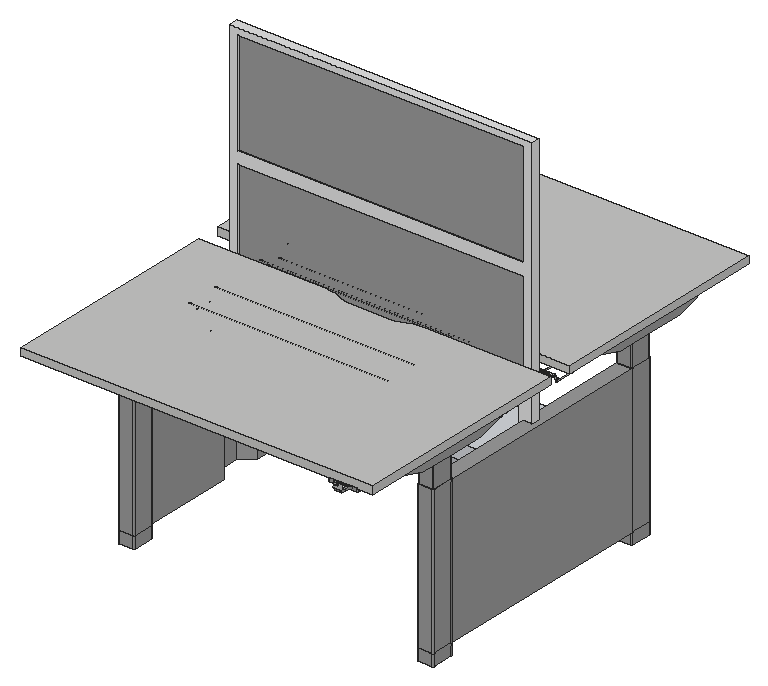
Revit family "Rise Squared Rectangular Desk", category Furniture, Revit 2020 (continued)
Definition of nested family "Cable Tray"
  Automatic sketch dimensions
    Extrusion 21 sketch curve to Extrusion 21 sketch curve = 5.426 mm
    Extrusion 21 sketch curve to Extrusion 21 sketch curve = 81.082 mm
    Extrusion 21 sketch curve to Extrusion 21 sketch curve = 3.312 mm
    Extrusion 21 sketch curve to Extrusion 21 sketch curve = 0.033 mm
    Extrusion 21 sketch curve to Extrusion 21 sketch curve = 1.263 mm
    radius of Sweep 2 sketch curve = 1.5 mm
    radius of Sweep 3 sketch curve = 1.5 mm
    radius of Sweep 4 sketch curve = 1.5 mm
    radius of Sweep 5 sketch curve = 1.5 mm
    radius of Sweep 6 sketch curve = 1.5 mm
    radius of Sweep 7 sketch curve = 1.5 mm
    radius of Sweep 8 sketch curve = 1.5 mm
    radius of Sweep 9 sketch curve = 1.5 mm
    radius of Sweep 10 sketch curve = 1.5 mm
    radius of Sweep 11 sketch curve = 1.5 mm
    radius of Sweep 12 sketch curve = 1.5 mm
    radius of Sweep 13 sketch curve = 1.5 mm
    radius of Sweep 14 sketch curve = 1.5 mm
    radius of Sweep 15 sketch curve = 1.5 mm
    radius of Sweep 16 sketch curve = 1.5 mm
    radius of Sweep 17 sketch curve = 1.5 mm
    radius of Sweep 18 sketch curve = 1.5 mm
    radius of Sweep 19 sketch curve = 1.5 mm
    radius of Extrusion 1 sketch curve = 1.5 mm  (x4)
Definition of nested family "Rise Squared Leg"
  Parameters (values of type "Rise Squared Leg")
    Width = 1800 mm
    Upper Foot = none
    URL = "www.gof.co.uk"
    Type Comments = ""
    Range = "RISE SQUARED"
    Product Code = ""
    Model = ""
    Manufacturer = "Gresham Office Furniture"  # constant formula
    HeightControl [instance] = if(Height < 630 mm, 630 mm, (if(Height > 1280 mm, 1280 mm, Height)))  # 630 mm
    Height [instance] = 630 mm
    Frame = none
    Foot = none
    Default Elevation = 0 mm
    Assembly Code = "E2020200"
  Reference planes
    plane 1 "Center (Front/Back)": y = 200
    plane 2: z = 0
    plane 3 "Center (Left/Right)": x = 0
    plane 4: x = -900
    plane 5: x = 900
    plane 6 "Desktop": z = 630
    plane 7: y = 600
    plane 8: y = -200
    plane 9 "Foot": z = 5
    plane 10 "Desktop Underside": z = 605
    plane 11 "Max Height": z = 1280
    plane 12 "Max Desktop Underside": z = 1255
    plane 13: z = 45
  Forms (mm)
    Extrusion 1, solid, material <- "Frame"
      sketch origin (0, 0, 630) x (-1, 0, 0) y (0, -1, 0)
        loop
          line (-827.511, -240) -> (-782.511, -240)
          arc (-782.511, -240) -> (-778.976, -238.536) -> (-777.511, -235) r 5
          line (-777.511, -235) -> (-777.511, -165)
          arc (-777.511, -165) -> (-778.976, -161.464) -> (-782.511, -160) r 5
          line (-782.511, -160) -> (-827.511, -160)
          arc (-827.511, -160) -> (-831.047, -161.464) -> (-832.511, -165) r 5
          line (-832.511, -165) -> (-832.511, -235)
          arc (-832.511, -235) -> (-831.047, -238.536) -> (-827.511, -240) r 5
      from -585 to -85
    Extrusion 2, solid, material <- "Frame"
      sketch origin (0, 200, 70) x (1, 0, 0) y (0, 0, 1)
        loop
          line (842.511, 535) -> (590.86, 535) -> (590.86, 520)
          arc (590.86, 520) -> (599.647, 498.787) -> (620.86, 490) r 30
          line (620.86, 490) -> (842.511, 490) -> (842.511, 535)
      from -47.5 to 47.5
    Extrusion 3, solid, material <- "Frame"
      sketch origin (0, 200, 70) x (1, 0, 0) y (0, 0, 1)
        loop
          line (842.511, 535) -> (842.511, 525) -> (844.511, 525) -> (844.511, 533.159) -> (860.511, 533.159) -> (860.511, 482) -> (843.693, 482) -> (843.693, 485.43) -> (841.693, 485.43) -> (841.693, 480) -> (862.511, 480) -> (862.511, 535) -> (842.511, 535)
      from -275 to 275
    Extrusion 4, void
      sketch origin (870.011, 200, 1175) x (0, 0, 1) y (0, 1, 0)
        loop
          line (-625, 0) -> (-625, 125) -> (-580, 275) -> (-570, 275) -> (-570, 333.867) -> (-673.413, 333.867) -> (-673.413, 0) -> (-673.413, -333.867) -> (-570, -333.867) -> (-570, -275) -> (-580, -275) -> (-625, -125) -> (-625, 0)
      from -29.989 to 70.011
    Extrusion 5, solid, material <- "Frame"
      sketch origin (0, 0, 630) x (-1, 0, 0) y (0, -1, 0)
        loop
          line (-827.511, -238) -> (-782.511, -238)
          arc (-782.511, -238) -> (-780.39, -237.121) -> (-779.511, -235) r 3
          line (-779.511, -235) -> (-779.511, -165)
          arc (-779.511, -165) -> (-780.39, -162.879) -> (-782.511, -162) r 3
          line (-782.511, -162) -> (-827.511, -162)
          arc (-827.511, -162) -> (-829.633, -162.879) -> (-830.511, -165) r 3
          line (-830.511, -165) -> (-830.511, -235)
          arc (-830.511, -235) -> (-829.633, -237.121) -> (-827.511, -238) r 3
      from -85 to -70
    Extrusion 6, solid, material <- "Upper Foot"
      sketch origin (0, 0, 45) x (0, -1, 0) y (-1, 0, 0)
        loop
          line (-240, -782.511) -> (-240, -827.511)
          arc (-240, -827.511) -> (-238.536, -831.047) -> (-235, -832.511) r 5
          line (-235, -832.511) -> (-165, -832.511)
          arc (-165, -832.511) -> (-161.464, -831.047) -> (-160, -827.511) r 5
          line (-160, -827.511) -> (-160, -782.511)
          arc (-160, -782.511) -> (-161.464, -778.976) -> (-165, -777.511) r 5
          line (-165, -777.511) -> (-235, -777.511)
          arc (-235, -777.511) -> (-238.536, -778.976) -> (-240, -782.511) r 5
      from 0 to 40
    Extrusion 7, solid, material <- "Foot"
      sketch origin (0, 0, 0) x (1, 0, 0) y (0, 1, 0)
        loop
          circle (805.402, 199.681) r 20
      from 0 to 5
  Cuts and joins
    Extrusion 4 cuts Extrusion 3
  Dimensions and locks
    equal spacing: plane 4, plane 3 "Center (Left/Right)", plane 5
    "Width": plane 4 to plane 5
    equal spacing: plane 7, plane 1 "Center (Front/Back)", plane 8
    locked: plane 7 to plane 8 at 800
    plane 9 "Foot" to level = 5 mm  (x2)
    locked: plane 6 "Desktop" to plane 10 "Desktop Underside" at 25
    Extrusion 2 to Extrusion 2 = 95 mm
    plane 1 "Center (Front/Back)" to Extrusion 3 = 275 mm
    equal spacing: Extrusion 3, plane 1 "Center (Front/Back)", Extrusion 3
    plane 11 "Max Height" to level = 1280 mm
    locked: Extrusion 2 sketch curve to Extrusion 2 sketch curve at 45
    locked: Extrusion 4 sketch curve to Extrusion 4 sketch curve at 103.413
    "HeightControl": plane 6 "Desktop" to level
    locked: Extrusion 4 to plane 5 at 100
    locked: Extrusion 2 to plane 5 at 309.14
    locked: plane 13 to plane 9 "Foot" at 40
    locked: Extrusion 1 to plane 13 at 500
    locked: plane 11 "Max Height" to plane 12 "Max Desktop Underside" at 25
    aligned and locked: level to plane 2
    aligned and locked: Extrusion 5 to Extrusion 2
    aligned and locked: Extrusion 5 to Extrusion 1
    aligned and locked: Extrusion 4 to plane 5
    aligned and locked: Extrusion 1 to plane 13
  Automatic sketch dimensions
    plane 1 "Center (Front/Back)" to Extrusion 1 sketch curve = 35 mm
    plane 5 to Extrusion 1 sketch curve = 67.489 mm
    Extrusion 1 sketch curve to Extrusion 1 sketch curve = 5 mm  (x3)
    Extrusion 1 sketch curve to Extrusion 1 sketch curve = 45 mm  (x2)
    Extrusion 1 sketch curve to plane 1 "Center (Front/Back)" = 35 mm
    Extrusion 2 sketch curve to plane 10 "Desktop Underside" = 0 mm
    plane 3 "Center (Left/Right)" to Extrusion 2 sketch curve = 590.86 mm
    Extrusion 2 sketch curve to Extrusion 2 sketch curve = 30 mm
    plane 5 to Extrusion 2 sketch curve = 57.489 mm
    Extrusion 3 sketch curve to plane 10 "Desktop Underside" = 0 mm
    plane 5 to Extrusion 3 sketch curve = 58.307 mm
    Extrusion 3 sketch curve to plane 10 "Desktop Underside" = 10 mm
    Extrusion 3 sketch curve to Extrusion 3 sketch curve = 0.819 mm
    Extrusion 3 sketch curve to Extrusion 3 sketch curve = 2 mm  (x4)
    Extrusion 3 sketch curve to plane 10 "Desktop Underside" = 1.841 mm
    Extrusion 3 sketch curve to Extrusion 3 sketch curve = 16 mm
    Extrusion 3 sketch curve to Extrusion 3 sketch curve = 39.57 mm
    Extrusion 3 sketch curve to Extrusion 3 sketch curve = 3.43 mm
    Extrusion 4 sketch curve to plane 1 "Center (Front/Back)" = 0 mm  (x2)
    Extrusion 4 sketch curve to plane 10 "Desktop Underside" = 0 mm  (x2)
    Extrusion 4 sketch curve to plane 10 "Desktop Underside" = 55 mm
    Extrusion 4 sketch curve to plane 10 "Desktop Underside" = 10 mm  (x2)
    Extrusion 4 sketch curve to Extrusion 4 sketch curve = 125 mm
    plane 8 to Extrusion 4 sketch curve = 125 mm
    Extrusion 4 sketch curve to Extrusion 4 sketch curve = 58.867 mm
    Extrusion 4 sketch curve to plane 1 "Center (Front/Back)" = 125 mm
    Extrusion 4 sketch curve to plane 7 = 125 mm
    Extrusion 4 sketch curve to plane 7 = 66.133 mm
    plane 1 "Center (Front/Back)" to Extrusion 5 sketch curve = 35 mm
    plane 5 to Extrusion 5 sketch curve = 69.489 mm
    Extrusion 5 sketch curve to Extrusion 5 sketch curve = 3 mm  (x3)
    Extrusion 5 sketch curve to Extrusion 5 sketch curve = 45 mm  (x2)
    Extrusion 5 sketch curve to plane 1 "Center (Front/Back)" = 35 mm
    Extrusion 1 to Extrusion 6 sketch curve = 5 mm  (x3)
    Extrusion 6 sketch curve to Extrusion 1 = 0 mm  (x2)
    plane 1 "Center (Front/Back)" to Extrusion 7 sketch curve = 0.319 mm
    plane 5 to Extrusion 7 sketch curve = 94.598 mm
    radius of Extrusion 6 sketch curve to Extrusion 1 = 0 mm
    radius of Extrusion 7 sketch curve = 20 mm
Definition of nested family "Cable Trough"
  Parameters (values of type "Cable Trough")
    Width = 1800 mm
    URL = "www.gof.co.uk"
    Type Comments = ""
    Range = "RISE SQUARED"
    Product Code = ""
    Modesty Panel = ""
    Model = ""
    Manufacturer = "Gresham Office Furniture"  # constant formula
    Frame = none
    Default Elevation = 0 mm
    Cable Tray = ""
    Assembly Code = "E2020200"
  Reference planes
    plane 1 "Center (Front/Back)": y = 0
    plane 2: z = 0
    plane 3 "Center (Left/Right)": x = 0
    plane 4: x = -900
    plane 5: x = 900
    plane 6 "Desktop Underside": z = 702
    plane 7: y = 380
    plane 8: y = -380
    plane 9 "Foot": z = 15
    plane 10: z = 727
    plane 11: y = 460
    plane 12: y = 1220
    plane 13: x = 47.5
    plane 14: x = 585.58
    plane 15: x = 316.54
    plane 16: x = -47.5
    plane 17: x = -585.58
    plane 18: x = -316.54
    plane 19: y = 840
    plane 20: x = -511.674
    plane 21: x = -278.337
    plane 22: x = -745.011
    plane 23: x = -45
    plane 24: x = 45
    plane 25: x = 278.337
    plane 26: x = 511.674
    plane 27: x = 745.011
  Forms (mm)
    Extrusion 1, solid
      sketch origin (0, 0, 0) x (0, 1, 0) y (0, 0, 1)
        loop
          line (529.14, 380.119) -> (549.153, 454.806) -> (549.153, 495) -> (547.153, 495) -> (547.153, 455.069) -> (527.606, 382.119) -> (312.394, 382.119) -> (292.847, 455.069) -> (292.847, 495) -> (290.847, 495) -> (290.847, 454.806) -> (310.86, 380.119) -> (529.14, 380.119)
      from -790.011 to 790.011
    Extrusion 2, void
      sketch origin (0, 0, 0) x (1, 0, 0) y (0, 0, 1)
        loop
          line (795.149, 454.873) -> (735.213, 349.979) -> (817.01, 349.979) -> (817.01, 454.873) -> (795.149, 454.873)
      from -794.5 to -45.5
    Extrusion 3, void
      sketch origin (0, 0, 0) x (-1, 0, 0) y (0, 0, -1)
        loop
          line (795.149, -454.873) -> (817.01, -454.873) -> (817.01, -349.979) -> (735.213, -349.979) -> (795.149, -454.873)
      from -794.5 to -45.5
    Extrusion 4, void
      sketch origin (0, 0, 702) x (-1, 0, 0) y (0, -1, 0)
        loop
          line (-585.58, -518.86) -> (-585.58, -468.86) -> (-680.58, -468.86) -> (-680.58, -518.86) -> (-585.58, -518.86)
      from -339.353 to -303.098
    Extrusion 5, void
      sketch origin (0, 840, 702) x (-1, 0, 0) y (0, -1, 0)
        loop
          line (-585.58, 518.86) -> (-680.58, 518.86) -> (-680.58, 468.86) -> (-585.58, 468.86) -> (-585.58, 518.86)
      from -339.353 to -303.098
    Extrusion 6, void
      sketch origin (0, 840, 702) x (1, 0, 0) y (0, 1, 0)
        loop
          line (-585.58, -518.86) -> (-585.58, -468.86) -> (-680.58, -468.86) -> (-680.58, -518.86) -> (-585.58, -518.86)
      from -339.353 to -303.098
    Extrusion 7, void
      sketch origin (0, 0, 702) x (1, 0, 0) y (0, 1, 0)
        loop
          line (-585.58, 518.86) -> (-680.58, 518.86) -> (-680.58, 468.86) -> (-585.58, 468.86) -> (-585.58, 518.86)
      from -339.353 to -303.098
    Extrusion 8, void
      sketch origin (-633.08, 0, 702) x (-1, 0, 0) y (0, -1, 0)
        loop
          line (-585.58, -518.86) -> (-585.58, -468.86) -> (-680.58, -468.86) -> (-680.58, -518.86) -> (-585.58, -518.86)
      from -339.353 to -303.098
    Extrusion 9, void
      sketch origin (-633.08, 840, 702) x (-1, 0, 0) y (0, -1, 0)
        loop
          line (-585.58, 518.86) -> (-680.58, 518.86) -> (-680.58, 468.86) -> (-585.58, 468.86) -> (-585.58, 518.86)
      from -339.353 to -303.098
    Extrusion 10, void
      sketch origin (-16.54, 0, 702) x (-1, 0, 0) y (0, -1, 0)
        loop
          line (-285.58, -518.86) -> (-285.58, -468.86) -> (-380.58, -468.86) -> (-380.58, -518.86) -> (-285.58, -518.86)
      from -339.353 to -303.098
    Extrusion 11, void
      sketch origin (-349.62, 0, 702) x (-1, 0, 0) y (0, -1, 0)
        loop
          line (14.42, -518.86) -> (14.42, -468.86) -> (-80.58, -468.86) -> (-80.58, -518.86) -> (14.42, -518.86)
      from -339.353 to -303.098
    Extrusion 12, void
      sketch origin (-16.54, -147.719, 702) x (-1, 0, 0) y (0, -1, 0)
        loop
          line (-285.58, -518.86) -> (-285.58, -468.86) -> (-380.58, -468.86) -> (-380.58, -518.86) -> (-285.58, -518.86)
      from -339.353 to -303.098
    Extrusion 13, void
      sketch origin (-349.62, -147.719, 702) x (-1, 0, 0) y (0, -1, 0)
        loop
          line (14.42, -518.86) -> (14.42, -468.86) -> (-80.58, -468.86) -> (-80.58, -518.86) -> (14.42, -518.86)
      from -339.353 to -303.098
    Extrusion 14, solid
      sketch origin (0, 0, 0) x (0, 1, 0) y (0, 0, 1)
        loop
          line (549.153, 447) -> (569.153, 447) -> (569.153, 497) -> (270.847, 497) -> (270.847, 447) -> (290.847, 447) -> (290.847, 495) -> (549.153, 495) -> (549.153, 447)
      from -790.011 to 790.011
    Extrusion 15, void
      sketch origin (0, 0, 702) x (-1, 0, 0) y (0, -1, 0)
        loop
          line (790.011, -524.153) -> (790.011, -315.847) -> (745.011, -315.847) -> (745.011, -524.153) -> (790.011, -524.153)
        loop
          line (-790.011, -524.153) -> (-745.011, -524.153) -> (-745.011, -315.847) -> (-790.011, -315.847) -> (-790.011, -524.153)
        loop
          line (-45, -524.153) -> (45, -524.153) -> (45, -315.847) -> (-45, -315.847) -> (-45, -524.153)
        loop
          line (534.174, -524.153) -> (534.174, -315.847) -> (489.174, -315.847) -> (489.174, -524.153) -> (534.174, -524.153)
        loop
          line (300.837, -524.153) -> (300.837, -315.847) -> (255.837, -315.847) -> (255.837, -524.153) -> (300.837, -524.153)
        loop
          line (-534.174, -524.153) -> (-489.174, -524.153) -> (-489.174, -315.847) -> (-534.174, -315.847) -> (-534.174, -524.153)
        loop
          line (-300.837, -524.153) -> (-255.837, -524.153) -> (-255.837, -315.847) -> (-300.837, -315.847) -> (-300.837, -524.153)
      from -231.026 to -193.32
  Cuts and joins
    Extrusion 2, Extrusion 3, Extrusion 4, Extrusion 5, Extrusion 6, Extrusion 7, Extrusion 8, Extrusion 9, Extrusion 10, Extrusion 11, Extrusion 12, Extrusion 13 cuts Extrusion 1
    Extrusion 15 cuts Extrusion 14
  Dimensions and locks
    "Width": plane 4 to plane 5
    locked: plane 2 to plane 9 "Foot" at 15
    plane 10 to level = 727 mm
    plane 10 to plane 6 "Desktop Underside" = 25 mm
    locked: plane 7 to plane 8 at 760
    equal spacing: plane 7, plane 1 "Center (Front/Back)", plane 8
    locked: plane 8 to plane 12 at 1600
    locked: cut or joined group 1 (Extrusion 1, Extrusion 2, Extrusion 3, Extrusion 4, Extrusion 5, Extrusion 6, Extrusion 7, Extrusion 8, Extrusion 9, Extrusion 10, Extrusion 11, Extrusion 12, Extrusion 13) to cut or joined group 1 at 72.997  (x4)
    locked: cut or joined group 1 to plane 5 at 146.423
    locked: cut or joined group 1 to plane 5 at 109.989
    locked: plane 14 to plane 5 at 314.42
    locked: plane 15 to cut or joined group 1 at 47.5  (x2)
    equal spacing: plane 13, plane 15, plane 14
    equal spacing: plane 17, plane 18, plane 16
    locked: cut or joined group 1 to plane 18 at 47.5  (x2)
    locked: plane 4 to cut or joined group 1 at 109.989
    locked: plane 4 to plane 17 at 314.42
    plane 7 to plane 11 = 80 mm
    plane 11 to plane 12 = 760 mm
    equal spacing: plane 11, plane 19, plane 12
    equal spacing: plane 4, plane 3 "Center (Left/Right)", plane 5
    locked: plane 23 to plane 3 "Center (Left/Right)" at 45
    locked: plane 4 to plane 22 at 154.989
    equal spacing: plane 22, plane 20, plane 21, plane 23
    equal spacing: Extrusion 15 sketch curve, plane 20, Extrusion 15 sketch curve
    equal spacing: Extrusion 15 sketch curve, plane 21, Extrusion 15 sketch curve
    locked: Extrusion 14 to Extrusion 15 sketch curve at 45
    locked: Extrusion 15 sketch curve to Extrusion 15 sketch curve at 90
    locked: plane 4 to Extrusion 15 sketch curve at 109.989
    locked: plane 3 "Center (Left/Right)" to plane 24 at 45
    locked: plane 27 to plane 5 at 154.989
    equal spacing: plane 24, plane 25, plane 26, plane 27
    locked: plane 4 to cut or joined group 1 at 146.423
    locked: Extrusion 15 sketch curve to Extrusion 14 at 45
    equal spacing: Extrusion 15 sketch curve, plane 26, Extrusion 15 sketch curve
    equal spacing: Extrusion 15 sketch curve, plane 25, Extrusion 15 sketch curve
    locked: Extrusion 15 sketch curve to plane 5 at 109.989
    aligned and locked: level to plane 2
    aligned and locked: Extrusion 4 to Extrusion 10
    aligned and locked: cut or joined group 1 to Extrusion 14
    aligned and locked: Extrusion 14 to cut or joined group 1
  Automatic sketch dimensions
    Extrusion 1 sketch curve to plane 7 = 89.153 mm
    Extrusion 1 sketch curve to Extrusion 1 sketch curve = 2 mm  (x3)
    Extrusion 1 sketch curve to plane 7 = 69.14 mm
    Extrusion 1 sketch curve to Extrusion 1 sketch curve = 1.535 mm  (x2)
    Extrusion 1 sketch curve to plane 11 = 67.606 mm
    Extrusion 1 sketch curve to plane 11 = 87.153 mm
    Extrusion 1 sketch curve to plane 6 "Desktop Underside" = 321.881 mm
    Extrusion 1 sketch curve to Extrusion 1 sketch curve = 72.687 mm  (x2)
    Extrusion 1 sketch curve to Extrusion 1 sketch curve = 0.263 mm  (x2)
    Extrusion 1 sketch curve to Extrusion 1 sketch curve = 39.931 mm  (x2)
    Extrusion 2 sketch curve to plane 14 = 149.633 mm
    plane 5 to Extrusion 2 sketch curve = 104.851 mm
    Extrusion 2 sketch curve to Extrusion 2 sketch curve = 21.861 mm
    plane 9 "Foot" to Extrusion 2 sketch curve = 334.979 mm
    Extrusion 2 sketch curve to Extrusion 2 sketch curve = 104.894 mm
    Extrusion 3 sketch curve to plane 17 = 149.633 mm
    Extrusion 3 sketch curve to plane 4 = 104.851 mm
    Extrusion 3 sketch curve to Extrusion 3 sketch curve = 21.861 mm
    Extrusion 3 sketch curve to plane 9 "Foot" = 334.979 mm
    Extrusion 3 sketch curve to Extrusion 3 sketch curve = 104.894 mm
    Extrusion 4 sketch curve to plane 14 = 0 mm
    Extrusion 4 sketch curve to plane 11 = 8.86 mm
    Extrusion 4 sketch curve to Extrusion 4 sketch curve = 95 mm
    Extrusion 4 sketch curve to Extrusion 4 sketch curve = 50 mm
    Extrusion 5 sketch curve to plane 14 = 0 mm
    plane 7 to Extrusion 5 sketch curve = 8.86 mm
    Extrusion 5 sketch curve to Extrusion 5 sketch curve = 95 mm
    Extrusion 5 sketch curve to Extrusion 5 sketch curve = 50 mm
    Extrusion 6 sketch curve to plane 17 = 0 mm
    Extrusion 6 sketch curve to plane 7 = 8.86 mm
    Extrusion 6 sketch curve to Extrusion 6 sketch curve = 95 mm
    Extrusion 6 sketch curve to Extrusion 6 sketch curve = 50 mm
    Extrusion 7 sketch curve to plane 17 = 0 mm
    plane 11 to Extrusion 7 sketch curve = 8.86 mm
    Extrusion 7 sketch curve to Extrusion 7 sketch curve = 95 mm
    Extrusion 7 sketch curve to Extrusion 7 sketch curve = 50 mm
    Extrusion 8 sketch curve to plane 13 = 0 mm
    Extrusion 8 sketch curve to plane 16 = 0 mm
    Extrusion 8 sketch curve to plane 11 = 58.86 mm
    Extrusion 8 sketch curve to plane 11 = 8.86 mm
    Extrusion 9 sketch curve to plane 13 = 0 mm
    Extrusion 9 sketch curve to plane 16 = 0 mm
    plane 7 to Extrusion 9 sketch curve = 58.86 mm
    plane 7 to Extrusion 9 sketch curve = 8.86 mm
    Extrusion 10 sketch curve to plane 15 = 47.5 mm
    Extrusion 10 sketch curve to plane 11 = 8.86 mm
    plane 15 to Extrusion 10 sketch curve = 47.5 mm
    Extrusion 10 sketch curve to Extrusion 10 sketch curve = 50 mm
    Extrusion 11 sketch curve to plane 18 = 47.5 mm
    Extrusion 11 sketch curve to plane 11 = 8.86 mm
    plane 18 to Extrusion 11 sketch curve = 47.5 mm
    Extrusion 11 sketch curve to Extrusion 11 sketch curve = 50 mm
    Extrusion 12 sketch curve to plane 7 = 8.86 mm
    Extrusion 12 sketch curve to plane 15 = 47.5 mm
    plane 15 to Extrusion 12 sketch curve = 47.5 mm
    Extrusion 12 sketch curve to Extrusion 12 sketch curve = 50 mm
    Extrusion 13 sketch curve to plane 7 = 8.86 mm
    Extrusion 13 sketch curve to plane 18 = 47.5 mm
    plane 18 to Extrusion 13 sketch curve = 47.5 mm
    Extrusion 13 sketch curve to Extrusion 13 sketch curve = 50 mm
    Extrusion 14 sketch curve to Extrusion 14 sketch curve = 20 mm  (x2)
    Extrusion 14 sketch curve to plane 6 "Desktop Underside" = 255 mm  (x2)
    Extrusion 14 sketch curve to Extrusion 14 sketch curve = 2 mm
    Extrusion 14 sketch curve to Extrusion 14 sketch curve = 48 mm
    Extrusion 14 sketch curve to plane 11 = 89.153 mm
    Extrusion 14 sketch curve to plane 7 = 89.153 mm
    Extrusion 15 sketch curve to plane 24 = 0 mm
    plane 21 to Extrusion 15 sketch curve = 22.5 mm
    Extrusion 15 sketch curve to plane 20 = 22.5 mm
    Extrusion 15 sketch curve to plane 11 = 64.153 mm  (x7)
    Extrusion 15 sketch curve to plane 7 = 64.153 mm  (x7)
    Extrusion 15 sketch curve to plane 26 = 22.5 mm
    plane 15 to Extrusion 15 sketch curve = 15.703 mm
Definition of nested family "Endframe Infill Panel"
  Parameters (values of type "Endframe Infill Panel")
    Width = 1800 mm
    URL = "www.gof.co.uk"
    Type Comments = ""
    Range = "RISE SQUARED"
    Product Code = ""
    Endframe Infill Panel Visible [instance] = yes
    Endframe Infill Panel = ""
    Model = ""
    Manufacturer = "Gresham Office Furniture"  # constant formula
    Frame = none
    Default Elevation = 0 mm
    Cable Tray = ""
    Assembly Code = "E2020200"
  Reference planes
    plane 1 "Center (Front/Back)": y = 0
    plane 2: z = 0
    plane 3 "Center (Left/Right)": x = 0
    plane 4: x = -900
    plane 5: x = 900
    plane 6 "Desktop Underside": z = 702
    plane 7: y = 380
    plane 8: y = -380
    plane 9 "Foot": z = 15
    plane 10: z = 727
    plane 11: y = 460
    plane 12: y = 1220
  Forms (mm)
    Extrusion 1, solid, material <- "Frame", visible <- "Endframe Infill Panel Visible"
      sketch origin (0, 0, 702) x (-1, 0, 0) y (0, -1, 0)
        loop
          line (-837.924, -799.735) -> (-787.924, -799.735) -> (-787.924, -39.735) -> (-837.924, -39.735) -> (-837.924, -799.735)
      from -657 to -157
    Extrusion 2, void
      sketch origin (0, 0, 0) x (0, 1, 0) y (0, 0, 1)
        loop
          line (594.735, 495) -> (244.735, 495) -> (244.735, 445) -> (264.146, 372.556) -> (575.323, 372.556) -> (594.735, 445) -> (594.735, 495)
      from 787.924 to 830.011
    Extrusion 3, void
      sketch origin (0, 0, 702) x (-1, 0, 0) y (0, -1, 0)
        loop
          line (-787.924, -491.928) -> (-787.924, -347.542) -> (-830.011, -389.629) -> (-830.011, -449.84) -> (-787.924, -491.928)
      from -657 to -329.444
  Cuts and joins
    Extrusion 2, Extrusion 3 cuts Extrusion 1
  Dimensions and locks
    equal spacing: plane 4, plane 3 "Center (Left/Right)", plane 5
    "Width": plane 4 to plane 5
    locked: plane 2 to plane 9 "Foot" at 15
    plane 10 to level = 727 mm
    plane 10 to plane 6 "Desktop Underside" = 25 mm
    locked: plane 7 to plane 8 at 760
    equal spacing: plane 7, plane 1 "Center (Front/Back)", plane 8
    plane 8 to plane 12 = 1600 mm
    aligned and locked: level to plane 2
  Automatic sketch dimensions
    Extrusion 1 sketch curve to Extrusion 1 sketch curve = 50 mm
    Extrusion 1 sketch curve to plane 11 = 339.735 mm
    Extrusion 1 sketch curve to plane 1 "Center (Front/Back)" = 39.735 mm
    Extrusion 2 sketch curve to plane 7 = 135.265 mm
    Extrusion 2 sketch curve to Extrusion 2 sketch curve = 19.411 mm  (x2)
    Extrusion 2 sketch curve to plane 11 = 115.323 mm
    Extrusion 2 sketch curve to plane 6 "Desktop Underside" = 329.444 mm
    Extrusion 2 sketch curve to Extrusion 2 sketch curve = 72.444 mm  (x2)
    Extrusion 2 sketch curve to Extrusion 2 sketch curve = 50 mm
    Extrusion 3 sketch curve to plane 11 = 31.928 mm
    plane 11 to Extrusion 3 sketch curve = 10.16 mm
    plane 7 to Extrusion 3 sketch curve = 9.629 mm
    Extrusion 3 sketch curve to plane 7 = 32.458 mm
    plane 5 to Extrusion 1 sketch curve = 62.076 mm
    plane 5 to Extrusion 3 sketch curve = 69.989 mm
    Extrusion 3 sketch curve to Extrusion 3 sketch curve = 42.088 mm
  Nested families
    nested 1: "Cable Tray" at (0, -20, 0), type "Cable Tray"
      with HeightControl 727 mm, Height 727 mm, Cable Tray no
  Definition of nested family "Cable Tray"
    Parameters (values of type "Cable Tray")
      Width = 1800 mm
      URL = "www.gof.co.uk"
      Type Comments = ""
      Range = "RISE LT"
      Product Code = ""
      Modesty Panel = none
      HeightControl [instance] = if(Height < 720 mm, 720 mm, (if(Height > 1200 mm, 1200 mm, Height)))  # 727 mm
      Height [instance] = 727 mm
      Desktop = none
      Model = ""
      Manufacturer = "Gresham Office Furniture"  # constant formula
      Frame = none
      Foot = none
      Default Elevation = 0 mm
      Cable Tray Clips = none
      Cable Tray = yes
      Assembly Code = "E2020200"
    Reference planes
      plane 1 "Center (Front/Back)": y = 0
      plane 2: z = 0
      plane 3 "Center (Left/Right)": x = 0
      plane 4: x = -900
      plane 5: x = 900
      plane 6 "Desktop Underside": z = 702
      plane 7: y = 400
      plane 8: y = -400
      plane 9 "Foot": z = 15
      plane 10: z = 727
      plane 11 "Cable Tray Left": x = -800
      plane 12 "Cable Tray Right": x = 800
    Forms (mm)
      Extrusion 1, solid, material <- "Frame", visible <- "Cable Tray"
        sketch origin (0, 12.089, -4.885) x (0, 1, 0) y (0, 0, 1)
          loop
            circle (301.911, 615.385) r 1.5
          loop
            circle (251.911, 615.385) r 1.5
          loop
            circle (220.911, 645.385) r 1.5
          loop
            circle (332.911, 645.385) r 1.5
        from -800 to 800
      Sweep 2, solid, material <- "Frame", visible <- "Cable Tray"
        path in 3D
          loop
            line (0, 341.76, 640.5) -> (0, 333.661, 615.573)
            arc (0, 333.661, 615.573) -> (0, 332.571, 614.073) -> (0, 330.808, 613.5) r 3
            line (0, 330.808, 613.5) -> (0, 247.192, 613.5)
            arc (0, 247.192, 613.5) -> (0, 245.429, 614.073) -> (0, 244.339, 615.573) r 3
            line (0, 244.339, 615.573) -> (0, 236.24, 640.5)
        profile origin (0, 289, 613.5) x (0, 0, 1) y (-1, 0, 0)
          loop
            circle (0, 0) r 1.5
      Sweep 3, solid, material <- "Frame", visible <- "Cable Tray", not visible
        path in 3D
          loop
            line (0, 329.671, 645.385) -> (0, 321.572, 620.458)
            arc (0, 321.572, 620.458) -> (0, 320.482, 618.958) -> (0, 318.719, 618.385) r 3
            line (0, 318.719, 618.385) -> (0, 235.103, 618.385)
            arc (0, 235.103, 618.385) -> (0, 233.34, 618.958) -> (0, 232.25, 620.458) r 3
            line (0, 232.25, 620.458) -> (0, 224.151, 645.385)
        profile origin (0, 276.911, 618.385) x (0, 0, 1) y (-1, 0, 0)
          loop
            circle (0, 0) r 1.5
      Sweep 4, solid, material <- "Frame", visible <- "Cable Tray"
        path in 3D
          loop
            line (800, 342.073, 640.5) -> (800, 333.974, 615.573)
            arc (800, 333.974, 615.573) -> (800, 332.884, 614.073) -> (800, 331.121, 613.5) r 3
            line (800, 331.121, 613.5) -> (800, 247.505, 613.5)
            arc (800, 247.505, 613.5) -> (800, 245.742, 614.073) -> (800, 244.652, 615.573) r 3
            line (800, 244.652, 615.573) -> (800, 236.553, 640.5)
        profile origin (800, 289.313, 613.5) x (0, 0, 1) y (-1, 0, 0)
          loop
            circle (0, 0) r 1.5
      Sweep 5, solid, material <- "Frame", visible <- "Cable Tray"
        path in 3D
          loop
            line (-800, 342.073, 640.5) -> (-800, 333.974, 615.573)
            arc (-800, 333.974, 615.573) -> (-800, 332.884, 614.073) -> (-800, 331.121, 613.5) r 3
            line (-800, 331.121, 613.5) -> (-800, 247.505, 613.5)
            arc (-800, 247.505, 613.5) -> (-800, 245.742, 614.073) -> (-800, 244.652, 615.573) r 3
            line (-800, 244.652, 615.573) -> (-800, 236.553, 640.5)
        profile origin (-800, 289.313, 613.5) x (0, 0, 1) y (-1, 0, 0)
          loop
            circle (0, 0) r 1.5
      Sweep 6, solid, material <- "Frame", visible <- "Cable Tray"
        path in 3D
          loop
            line (100, 341.76, 640.5) -> (100, 333.661, 615.573)
            arc (100, 333.661, 615.573) -> (100, 332.571, 614.073) -> (100, 330.808, 613.5) r 3
            line (100, 330.808, 613.5) -> (100, 247.192, 613.5)
            arc (100, 247.192, 613.5) -> (100, 245.429, 614.073) -> (100, 244.339, 615.573) r 3
            line (100, 244.339, 615.573) -> (100, 236.24, 640.5)
        profile origin (100, 289, 613.5) x (0, 0, 1) y (-1, 0, 0)
          loop
            circle (0, 0) r 1.5
      Sweep 7, solid, material <- "Frame", visible <- "Cable Tray"
        path in 3D
          loop
            line (300, 341.76, 640.5) -> (300, 333.661, 615.573)
            arc (300, 333.661, 615.573) -> (300, 332.571, 614.073) -> (300, 330.808, 613.5) r 3
            line (300, 330.808, 613.5) -> (300, 247.192, 613.5)
            arc (300, 247.192, 613.5) -> (300, 245.429, 614.073) -> (300, 244.339, 615.573) r 3
            line (300, 244.339, 615.573) -> (300, 236.24, 640.5)
        profile origin (300, 289, 613.5) x (0, 0, 1) y (-1, 0, 0)
          loop
            circle (0, 0) r 1.5
      Sweep 8, solid, material <- "Frame", visible <- "Cable Tray"
        path in 3D
          loop
            line (400, 341.76, 640.5) -> (400, 333.661, 615.573)
            arc (400, 333.661, 615.573) -> (400, 332.571, 614.073) -> (400, 330.808, 613.5) r 3
            line (400, 330.808, 613.5) -> (400, 247.192, 613.5)
            arc (400, 247.192, 613.5) -> (400, 245.429, 614.073) -> (400, 244.339, 615.573) r 3
            line (400, 244.339, 615.573) -> (400, 236.24, 640.5)
        profile origin (400, 289, 613.5) x (0, 0, 1) y (-1, 0, 0)
          loop
            circle (0, 0) r 1.5
      Sweep 9, solid, material <- "Frame", visible <- "Cable Tray"
        path in 3D
          loop
            line (500, 341.76, 640.5) -> (500, 333.661, 615.573)
            arc (500, 333.661, 615.573) -> (500, 332.571, 614.073) -> (500, 330.808, 613.5) r 3
            line (500, 330.808, 613.5) -> (500, 247.192, 613.5)
            arc (500, 247.192, 613.5) -> (500, 245.429, 614.073) -> (500, 244.339, 615.573) r 3
            line (500, 244.339, 615.573) -> (500, 236.24, 640.5)
        profile origin (500, 289, 613.5) x (0, 0, 1) y (-1, 0, 0)
          loop
            circle (0, 0) r 1.5
      Sweep 10, solid, material <- "Frame", visible <- "Cable Tray"
        path in 3D
          loop
            line (600, 341.76, 640.5) -> (600, 333.661, 615.573)
            arc (600, 333.661, 615.573) -> (600, 332.571, 614.073) -> (600, 330.808, 613.5) r 3
            line (600, 330.808, 613.5) -> (600, 247.192, 613.5)
            arc (600, 247.192, 613.5) -> (600, 245.429, 614.073) -> (600, 244.339, 615.573) r 3
            line (600, 244.339, 615.573) -> (600, 236.24, 640.5)
        profile origin (600, 289, 613.5) x (0, 0, 1) y (-1, 0, 0)
          loop
            circle (0, 0) r 1.5
      Sweep 11, solid, material <- "Frame", visible <- "Cable Tray"
        path in 3D
          loop
            line (700, 341.76, 640.5) -> (700, 333.661, 615.573)
            arc (700, 333.661, 615.573) -> (700, 332.571, 614.073) -> (700, 330.808, 613.5) r 3
            line (700, 330.808, 613.5) -> (700, 247.192, 613.5)
            arc (700, 247.192, 613.5) -> (700, 245.429, 614.073) -> (700, 244.339, 615.573) r 3
            line (700, 244.339, 615.573) -> (700, 236.24, 640.5)
        profile origin (700, 289, 613.5) x (0, 0, 1) y (-1, 0, 0)
          loop
            circle (0, 0) r 1.5
      Sweep 12, solid, material <- "Frame", visible <- "Cable Tray"
        path in 3D
          loop
            line (200, 341.76, 640.5) -> (200, 333.661, 615.573)
            arc (200, 333.661, 615.573) -> (200, 332.571, 614.073) -> (200, 330.808, 613.5) r 3
            line (200, 330.808, 613.5) -> (200, 247.192, 613.5)
            arc (200, 247.192, 613.5) -> (200, 245.429, 614.073) -> (200, 244.339, 615.573) r 3
            line (200, 244.339, 615.573) -> (200, 236.24, 640.5)
        profile origin (200, 289, 613.5) x (0, 0, 1) y (-1, 0, 0)
          loop
            circle (0, 0) r 1.5
      Sweep 13, solid, material <- "Frame", visible <- "Cable Tray"
        path in 3D
          loop
            line (-100, 341.76, 640.5) -> (-100, 333.661, 615.573)
            arc (-100, 333.661, 615.573) -> (-100, 332.571, 614.073) -> (-100, 330.808, 613.5) r 3
            line (-100, 330.808, 613.5) -> (-100, 247.192, 613.5)
            arc (-100, 247.192, 613.5) -> (-100, 245.429, 614.073) -> (-100, 244.339, 615.573) r 3
            line (-100, 244.339, 615.573) -> (-100, 236.24, 640.5)
        profile origin (-100, 289, 613.5) x (0, 0, 1) y (-1, 0, 0)
          loop
            circle (0, 0) r 1.5
      Sweep 14, solid, material <- "Frame", visible <- "Cable Tray"
        path in 3D
          loop
            line (-300, 341.76, 640.5) -> (-300, 333.661, 615.573)
            arc (-300, 333.661, 615.573) -> (-300, 332.571, 614.073) -> (-300, 330.808, 613.5) r 3
            line (-300, 330.808, 613.5) -> (-300, 247.192, 613.5)
            arc (-300, 247.192, 613.5) -> (-300, 245.429, 614.073) -> (-300, 244.339, 615.573) r 3
            line (-300, 244.339, 615.573) -> (-300, 236.24, 640.5)
        profile origin (-300, 289, 613.5) x (0, 0, 1) y (-1, 0, 0)
          loop
            circle (0, 0) r 1.5
      Sweep 15, solid, material <- "Frame", visible <- "Cable Tray"
        path in 3D
          loop
            line (-400, 341.76, 640.5) -> (-400, 333.661, 615.573)
            arc (-400, 333.661, 615.573) -> (-400, 332.571, 614.073) -> (-400, 330.808, 613.5) r 3
            line (-400, 330.808, 613.5) -> (-400, 247.192, 613.5)
            arc (-400, 247.192, 613.5) -> (-400, 245.429, 614.073) -> (-400, 244.339, 615.573) r 3
            line (-400, 244.339, 615.573) -> (-400, 236.24, 640.5)
        profile origin (-400, 289, 613.5) x (0, 0, 1) y (-1, 0, 0)
          loop
            circle (0, 0) r 1.5
      Sweep 16, solid, material <- "Frame", visible <- "Cable Tray"
        path in 3D
          loop
            line (-500, 341.76, 640.5) -> (-500, 333.661, 615.573)
            arc (-500, 333.661, 615.573) -> (-500, 332.571, 614.073) -> (-500, 330.808, 613.5) r 3
            line (-500, 330.808, 613.5) -> (-500, 247.192, 613.5)
            arc (-500, 247.192, 613.5) -> (-500, 245.429, 614.073) -> (-500, 244.339, 615.573) r 3
            line (-500, 244.339, 615.573) -> (-500, 236.24, 640.5)
        profile origin (-500, 289, 613.5) x (0, 0, 1) y (-1, 0, 0)
          loop
            circle (0, 0) r 1.5
      Sweep 17, solid, material <- "Frame", visible <- "Cable Tray"
        path in 3D
          loop
            line (-600, 341.76, 640.5) -> (-600, 333.661, 615.573)
            arc (-600, 333.661, 615.573) -> (-600, 332.571, 614.073) -> (-600, 330.808, 613.5) r 3
            line (-600, 330.808, 613.5) -> (-600, 247.192, 613.5)
            arc (-600, 247.192, 613.5) -> (-600, 245.429, 614.073) -> (-600, 244.339, 615.573) r 3
            line (-600, 244.339, 615.573) -> (-600, 236.24, 640.5)
        profile origin (-600, 289, 613.5) x (0, 0, 1) y (-1, 0, 0)
          loop
            circle (0, 0) r 1.5
      Sweep 18, solid, material <- "Frame", visible <- "Cable Tray"
        path in 3D
          loop
            line (-700, 341.76, 640.5) -> (-700, 333.661, 615.573)
            arc (-700, 333.661, 615.573) -> (-700, 332.571, 614.073) -> (-700, 330.808, 613.5) r 3
            line (-700, 330.808, 613.5) -> (-700, 247.192, 613.5)
            arc (-700, 247.192, 613.5) -> (-700, 245.429, 614.073) -> (-700, 244.339, 615.573) r 3
            line (-700, 244.339, 615.573) -> (-700, 236.24, 640.5)
        profile origin (-700, 289, 613.5) x (0, 0, 1) y (-1, 0, 0)
          loop
            circle (0, 0) r 1.5
      Sweep 19, solid, material <- "Frame", visible <- "Cable Tray"
        path in 3D
          loop
            line (-200, 341.76, 640.5) -> (-200, 333.661, 615.573)
            arc (-200, 333.661, 615.573) -> (-200, 332.571, 614.073) -> (-200, 330.808, 613.5) r 3
            line (-200, 330.808, 613.5) -> (-200, 247.192, 613.5)
            arc (-200, 247.192, 613.5) -> (-200, 245.429, 614.073) -> (-200, 244.339, 615.573) r 3
            line (-200, 244.339, 615.573) -> (-200, 236.24, 640.5)
        profile origin (-200, 289, 613.5) x (0, 0, 1) y (-1, 0, 0)
          loop
            circle (0, 0) r 1.5
      Extrusion 20, solid, material <- "Cable Tray Clips", visible <- "Cable Tray"
        sketch origin (615, 0, 0) x (0, 1, 0) y (0, 0, 1)
          loop
            arc (346.5, 640.5) -> (345, 639) -> (343.5, 640.5) r 1.5
            line (343.5, 640.5) -> (343.5, 645.926) -> (340.5, 645.926) -> (340.5, 640.5)
            arc (340.5, 640.5) -> (345, 636) -> (349.5, 640.5) r 4.5
            line (349.5, 640.5) -> (349.5, 677.5)
            arc (349.5, 677.5) -> (348.692, 680.415) -> (346.5, 682.5) r 5.667
            arc (346.5, 682.5) -> (322.774, 690.464) -> (297.984, 693.899) r 134.615
            line (297.984, 693.899) -> (297.984, 697) -> (303.984, 697) -> (303.984, 702) -> (279.984, 702) -> (279.984, 697) -> (285.984, 697) -> (285.984, 693.899)
            arc (285.984, 693.899) -> (261.193, 690.464) -> (237.467, 682.5) r 134.615
            arc (237.467, 682.5) -> (235.275, 680.415) -> (234.435, 677.5) r 5.667
            line (234.435, 677.5) -> (234.435, 670.5)
            arc (234.435, 670.5) -> (232.935, 669) -> (231.435, 670.5) r 1.5
            line (231.435, 670.5) -> (231.435, 675.5) -> (228.435, 675.5) -> (228.435, 670.5)
            arc (228.435, 670.5) -> (230.365, 666.806) -> (234.5, 666.281) r 4.5
            line (234.5, 666.281) -> (234.5, 640.5)
            arc (234.5, 640.5) -> (233, 639) -> (231.5, 640.5) r 1.5
            line (231.5, 640.5) -> (231.5, 645.5) -> (228.5, 645.5) -> (228.5, 640.5)
            arc (228.5, 640.5) -> (233, 636) -> (237.5, 640.5) r 4.5
            line (237.5, 640.5) -> (237.5, 677.793)
            arc (237.5, 677.793) -> (237.882, 679.174) -> (238.92, 680.161) r 2.683
            arc (238.92, 680.161) -> (291.984, 691.033) -> (345.047, 680.161) r 134.926
            arc (345.047, 680.161) -> (346.085, 679.174) -> (346.467, 677.793) r 2.683
            line (346.467, 677.793) -> (346.467, 670.5)
            arc (346.467, 670.5) -> (344.951, 668.984) -> (343.435, 670.5) r 1.516
            line (343.435, 670.5) -> (343.435, 675.5) -> (340.435, 675.5) -> (340.435, 670.5)
            arc (340.435, 670.5) -> (342.365, 666.806) -> (346.5, 666.281) r 4.5
            line (346.5, 666.281) -> (346.5, 640.5)
        from 0 to 25
      Extrusion 21, solid, material <- "Cable Tray Clips", visible <- "Cable Tray"
        sketch origin (-615, 0, 0) x (0, 1, 0) y (0, 0, -1)
          loop
            line (346.5, -640.5) -> (346.5, -666.281)
            arc (346.5, -666.281) -> (342.365, -666.806) -> (340.435, -670.5) r 4.5
            line (340.435, -670.5) -> (340.435, -675.5) -> (343.435, -675.5) -> (343.435, -670.5)
            arc (343.435, -670.5) -> (344.951, -668.984) -> (346.467, -670.5) r 1.516
            line (346.467, -670.5) -> (346.467, -677.793)
            arc (346.467, -677.793) -> (346.085, -679.174) -> (345.047, -680.161) r 2.683
            arc (345.047, -680.161) -> (291.984, -691.033) -> (238.92, -680.161) r 134.926
            arc (238.92, -680.161) -> (237.882, -679.174) -> (237.5, -677.793) r 2.683
            line (237.5, -677.793) -> (237.5, -640.5)
            arc (237.5, -640.5) -> (233, -636) -> (228.5, -640.5) r 4.5
            line (228.5, -640.5) -> (228.5, -645.5) -> (231.5, -645.5) -> (231.5, -640.5)
            arc (231.5, -640.5) -> (233, -639) -> (234.5, -640.5) r 1.5
            line (234.5, -640.5) -> (234.5, -666.281)
            arc (234.5, -666.281) -> (230.365, -666.806) -> (228.435, -670.5) r 4.5
            line (228.435, -670.5) -> (228.435, -675.5) -> (231.435, -675.5) -> (231.435, -670.5)
            arc (231.435, -670.5) -> (232.935, -669) -> (234.435, -670.5) r 1.5
            line (234.435, -670.5) -> (234.435, -677.5)
            arc (234.435, -677.5) -> (235.275, -680.415) -> (237.467, -682.5) r 5.667
            arc (237.467, -682.5) -> (261.193, -690.464) -> (285.984, -693.899) r 134.615
            line (285.984, -693.899) -> (285.984, -697) -> (279.984, -697) -> (279.984, -702) -> (303.984, -702) -> (303.984, -697) -> (297.984, -697) -> (297.984, -693.899)
            arc (297.984, -693.899) -> (322.774, -690.464) -> (346.5, -682.5) r 134.615
            arc (346.5, -682.5) -> (348.692, -680.415) -> (349.5, -677.5) r 5.667
            line (349.5, -677.5) -> (349.5, -640.5)
            arc (349.5, -640.5) -> (345, -636) -> (340.5, -640.5) r 4.5
            line (340.5, -640.5) -> (340.5, -645.926) -> (343.5, -645.926) -> (343.5, -640.5)
            arc (343.5, -640.5) -> (345, -639) -> (346.5, -640.5) r 1.5
        from 0 to 25
    Lines and regions (mm)
      model lines, not visible
        curve 1: arc (0, 315.5, 610.5) -> (0, 314, 612) -> (0, 312.5, 610.5) r 1.5
        curve 2: arc (0, 265.5, 610.5) -> (0, 264, 612) -> (0, 262.5, 610.5) r 1.5
        curve 3: line (0, 330.808, 613.5) -> (0, 247.192, 613.5)
        curve 4: line (0, 244.339, 615.573) -> (0, 236.24, 640.5)
        curve 5: arc (0, 247.192, 613.5) -> (0, 245.429, 614.073) -> (0, 244.339, 615.573) r 3
        curve 6: line (0, 333.661, 615.573) -> (0, 341.76, 640.5)
        curve 7: arc (0, 330.808, 613.5) -> (0, 332.571, 614.073) -> (0, 333.661, 615.573) r 3
        curve 13: arc (0, 303.411, 615.385) -> (0, 301.911, 616.885) -> (0, 300.411, 615.385) r 1.5
        curve 14: arc (0, 253.411, 615.385) -> (0, 251.911, 616.885) -> (0, 250.411, 615.385) r 1.5
        curve 15: line (0, 318.719, 618.385) -> (0, 235.103, 618.385)
        curve 16: line (0, 232.25, 620.458) -> (0, 224.151, 645.385)
        curve 17: arc (0, 235.103, 618.385) -> (0, 233.34, 618.958) -> (0, 232.25, 620.458) r 3
        curve 18: line (0, 321.572, 620.458) -> (0, 329.671, 645.385)
        curve 19: arc (0, 318.719, 618.385) -> (0, 320.482, 618.958) -> (0, 321.572, 620.458) r 3
        curve 25: arc (800, 315.813, 610.5) -> (800, 314.313, 612) -> (800, 312.813, 610.5) r 1.5
        curve 26: arc (800, 265.813, 610.5) -> (800, 264.313, 612) -> (800, 262.813, 610.5) r 1.5
        curve 27: line (800, 331.121, 613.5) -> (800, 247.505, 613.5)
        curve 28: line (800, 244.652, 615.573) -> (800, 236.553, 640.5)
        curve 29: arc (800, 247.505, 613.5) -> (800, 245.742, 614.073) -> (800, 244.652, 615.573) r 3
        curve 30: line (800, 333.974, 615.573) -> (800, 342.073, 640.5)
        curve 31: arc (800, 331.121, 613.5) -> (800, 332.884, 614.073) -> (800, 333.974, 615.573) r 3
        curve 37: arc (-800, 315.813, 610.5) -> (-800, 314.313, 612) -> (-800, 312.813, 610.5) r 1.5
        curve 38: arc (-800, 265.813, 610.5) -> (-800, 264.313, 612) -> (-800, 262.813, 610.5) r 1.5
        curve 39: line (-800, 331.121, 613.5) -> (-800, 247.505, 613.5)
        curve 40: line (-800, 244.652, 615.573) -> (-800, 236.553, 640.5)
        curve 41: arc (-800, 247.505, 613.5) -> (-800, 245.742, 614.073) -> (-800, 244.652, 615.573) r 3
        curve 42: line (-800, 333.974, 615.573) -> (-800, 342.073, 640.5)
        curve 43: arc (-800, 331.121, 613.5) -> (-800, 332.884, 614.073) -> (-800, 333.974, 615.573) r 3
        curve 49: arc (100, 315.5, 610.5) -> (100, 314, 612) -> (100, 312.5, 610.5) r 1.5
        curve 50: arc (100, 265.5, 610.5) -> (100, 264, 612) -> (100, 262.5, 610.5) r 1.5
        curve 51: line (100, 330.808, 613.5) -> (100, 247.192, 613.5)
        curve 52: line (100, 244.339, 615.573) -> (100, 236.24, 640.5)
        curve 53: arc (100, 247.192, 613.5) -> (100, 245.429, 614.073) -> (100, 244.339, 615.573) r 3
        curve 54: line (100, 333.661, 615.573) -> (100, 341.76, 640.5)
        curve 55: arc (100, 330.808, 613.5) -> (100, 332.571, 614.073) -> (100, 333.661, 615.573) r 3
        curve 61: arc (300, 315.5, 610.5) -> (300, 314, 612) -> (300, 312.5, 610.5) r 1.5
        curve 62: arc (300, 265.5, 610.5) -> (300, 264, 612) -> (300, 262.5, 610.5) r 1.5
        curve 63: line (300, 330.808, 613.5) -> (300, 247.192, 613.5)
        curve 64: line (300, 244.339, 615.573) -> (300, 236.24, 640.5)
        curve 65: arc (300, 247.192, 613.5) -> (300, 245.429, 614.073) -> (300, 244.339, 615.573) r 3
        curve 66: line (300, 333.661, 615.573) -> (300, 341.76, 640.5)
        curve 67: arc (300, 330.808, 613.5) -> (300, 332.571, 614.073) -> (300, 333.661, 615.573) r 3
        curve 73: arc (400, 315.5, 610.5) -> (400, 314, 612) -> (400, 312.5, 610.5) r 1.5
        curve 74: arc (400, 265.5, 610.5) -> (400, 264, 612) -> (400, 262.5, 610.5) r 1.5
        curve 75: line (400, 330.808, 613.5) -> (400, 247.192, 613.5)
        curve 76: line (400, 244.339, 615.573) -> (400, 236.24, 640.5)
        curve 77: arc (400, 247.192, 613.5) -> (400, 245.429, 614.073) -> (400, 244.339, 615.573) r 3
        curve 78: line (400, 333.661, 615.573) -> (400, 341.76, 640.5)
        curve 79: arc (400, 330.808, 613.5) -> (400, 332.571, 614.073) -> (400, 333.661, 615.573) r 3
        curve 85: arc (500, 315.5, 610.5) -> (500, 314, 612) -> (500, 312.5, 610.5) r 1.5
        curve 86: arc (500, 265.5, 610.5) -> (500, 264, 612) -> (500, 262.5, 610.5) r 1.5
        curve 87: line (500, 330.808, 613.5) -> (500, 247.192, 613.5)
        curve 88: line (500, 244.339, 615.573) -> (500, 236.24, 640.5)
        curve 89: arc (500, 247.192, 613.5) -> (500, 245.429, 614.073) -> (500, 244.339, 615.573) r 3
        curve 90: line (500, 333.661, 615.573) -> (500, 341.76, 640.5)
        curve 91: arc (500, 330.808, 613.5) -> (500, 332.571, 614.073) -> (500, 333.661, 615.573) r 3
        curve 97: arc (600, 315.5, 610.5) -> (600, 314, 612) -> (600, 312.5, 610.5) r 1.5
        curve 98: arc (600, 265.5, 610.5) -> (600, 264, 612) -> (600, 262.5, 610.5) r 1.5
        curve 99: line (600, 330.808, 613.5) -> (600, 247.192, 613.5)
        curve 100: line (600, 244.339, 615.573) -> (600, 236.24, 640.5)
        curve 101: arc (600, 247.192, 613.5) -> (600, 245.429, 614.073) -> (600, 244.339, 615.573) r 3
        curve 102: line (600, 333.661, 615.573) -> (600, 341.76, 640.5)
        curve 103: arc (600, 330.808, 613.5) -> (600, 332.571, 614.073) -> (600, 333.661, 615.573) r 3
        curve 109: arc (700, 315.5, 610.5) -> (700, 314, 612) -> (700, 312.5, 610.5) r 1.5
        curve 110: arc (700, 265.5, 610.5) -> (700, 264, 612) -> (700, 262.5, 610.5) r 1.5
        curve 111: line (700, 330.808, 613.5) -> (700, 247.192, 613.5)
        curve 112: line (700, 244.339, 615.573) -> (700, 236.24, 640.5)
        curve 113: arc (700, 247.192, 613.5) -> (700, 245.429, 614.073) -> (700, 244.339, 615.573) r 3
        curve 114: line (700, 333.661, 615.573) -> (700, 341.76, 640.5)
        curve 115: arc (700, 330.808, 613.5) -> (700, 332.571, 614.073) -> (700, 333.661, 615.573) r 3
        curve 121: arc (200, 315.5, 610.5) -> (200, 314, 612) -> (200, 312.5, 610.5) r 1.5
        curve 122: arc (200, 265.5, 610.5) -> (200, 264, 612) -> (200, 262.5, 610.5) r 1.5
        curve 123: line (200, 330.808, 613.5) -> (200, 247.192, 613.5)
        curve 124: line (200, 244.339, 615.573) -> (200, 236.24, 640.5)
        curve 125: arc (200, 247.192, 613.5) -> (200, 245.429, 614.073) -> (200, 244.339, 615.573) r 3
        curve 126: line (200, 333.661, 615.573) -> (200, 341.76, 640.5)
        curve 127: arc (200, 330.808, 613.5) -> (200, 332.571, 614.073) -> (200, 333.661, 615.573) r 3
        curve 133: arc (-100, 315.5, 610.5) -> (-100, 314, 612) -> (-100, 312.5, 610.5) r 1.5
        curve 134: arc (-100, 265.5, 610.5) -> (-100, 264, 612) -> (-100, 262.5, 610.5) r 1.5
        curve 135: line (-100, 330.808, 613.5) -> (-100, 247.192, 613.5)
        curve 136: line (-100, 244.339, 615.573) -> (-100, 236.24, 640.5)
        curve 137: arc (-100, 247.192, 613.5) -> (-100, 245.429, 614.073) -> (-100, 244.339, 615.573) r 3
        curve 138: line (-100, 333.661, 615.573) -> (-100, 341.76, 640.5)
        curve 139: arc (-100, 330.808, 613.5) -> (-100, 332.571, 614.073) -> (-100, 333.661, 615.573) r 3
        curve 145: arc (-300, 315.5, 610.5) -> (-300, 314, 612) -> (-300, 312.5, 610.5) r 1.5
        curve 146: arc (-300, 265.5, 610.5) -> (-300, 264, 612) -> (-300, 262.5, 610.5) r 1.5
        curve 147: line (-300, 330.808, 613.5) -> (-300, 247.192, 613.5)
        curve 148: line (-300, 244.339, 615.573) -> (-300, 236.24, 640.5)
        curve 149: arc (-300, 247.192, 613.5) -> (-300, 245.429, 614.073) -> (-300, 244.339, 615.573) r 3
        curve 150: line (-300, 333.661, 615.573) -> (-300, 341.76, 640.5)
        curve 151: arc (-300, 330.808, 613.5) -> (-300, 332.571, 614.073) -> (-300, 333.661, 615.573) r 3
        curve 157: arc (-400, 315.5, 610.5) -> (-400, 314, 612) -> (-400, 312.5, 610.5) r 1.5
        curve 158: arc (-400, 265.5, 610.5) -> (-400, 264, 612) -> (-400, 262.5, 610.5) r 1.5
        curve 159: line (-400, 330.808, 613.5) -> (-400, 247.192, 613.5)
        curve 160: line (-400, 244.339, 615.573) -> (-400, 236.24, 640.5)
        curve 161: arc (-400, 247.192, 613.5) -> (-400, 245.429, 614.073) -> (-400, 244.339, 615.573) r 3
        curve 162: line (-400, 333.661, 615.573) -> (-400, 341.76, 640.5)
        curve 163: arc (-400, 330.808, 613.5) -> (-400, 332.571, 614.073) -> (-400, 333.661, 615.573) r 3
        curve 169: arc (-500, 315.5, 610.5) -> (-500, 314, 612) -> (-500, 312.5, 610.5) r 1.5
        curve 170: arc (-500, 265.5, 610.5) -> (-500, 264, 612) -> (-500, 262.5, 610.5) r 1.5
        curve 171: line (-500, 330.808, 613.5) -> (-500, 247.192, 613.5)
        curve 172: line (-500, 244.339, 615.573) -> (-500, 236.24, 640.5)
        curve 173: arc (-500, 247.192, 613.5) -> (-500, 245.429, 614.073) -> (-500, 244.339, 615.573) r 3
        curve 174: line (-500, 333.661, 615.573) -> (-500, 341.76, 640.5)
        curve 175: arc (-500, 330.808, 613.5) -> (-500, 332.571, 614.073) -> (-500, 333.661, 615.573) r 3
        curve 181: arc (-600, 315.5, 610.5) -> (-600, 314, 612) -> (-600, 312.5, 610.5) r 1.5
        curve 182: arc (-600, 265.5, 610.5) -> (-600, 264, 612) -> (-600, 262.5, 610.5) r 1.5
        curve 183: line (-600, 330.808, 613.5) -> (-600, 247.192, 613.5)
        curve 184: line (-600, 244.339, 615.573) -> (-600, 236.24, 640.5)
        curve 185: arc (-600, 247.192, 613.5) -> (-600, 245.429, 614.073) -> (-600, 244.339, 615.573) r 3
        curve 186: line (-600, 333.661, 615.573) -> (-600, 341.76, 640.5)
        curve 187: arc (-600, 330.808, 613.5) -> (-600, 332.571, 614.073) -> (-600, 333.661, 615.573) r 3
        curve 193: arc (-700, 315.5, 610.5) -> (-700, 314, 612) -> (-700, 312.5, 610.5) r 1.5
        curve 194: arc (-700, 265.5, 610.5) -> (-700, 264, 612) -> (-700, 262.5, 610.5) r 1.5
        curve 195: line (-700, 330.808, 613.5) -> (-700, 247.192, 613.5)
        curve 196: line (-700, 244.339, 615.573) -> (-700, 236.24, 640.5)
        curve 197: arc (-700, 247.192, 613.5) -> (-700, 245.429, 614.073) -> (-700, 244.339, 615.573) r 3
        curve 198: line (-700, 333.661, 615.573) -> (-700, 341.76, 640.5)
        curve 199: arc (-700, 330.808, 613.5) -> (-700, 332.571, 614.073) -> (-700, 333.661, 615.573) r 3
        curve 205: arc (-200, 315.5, 610.5) -> (-200, 314, 612) -> (-200, 312.5, 610.5) r 1.5
        curve 206: arc (-200, 265.5, 610.5) -> (-200, 264, 612) -> (-200, 262.5, 610.5) r 1.5
        curve 207: line (-200, 330.808, 613.5) -> (-200, 247.192, 613.5)
        curve 208: line (-200, 244.339, 615.573) -> (-200, 236.24, 640.5)
        curve 209: arc (-200, 247.192, 613.5) -> (-200, 245.429, 614.073) -> (-200, 244.339, 615.573) r 3
        curve 210: line (-200, 333.661, 615.573) -> (-200, 341.76, 640.5)
        curve 211: arc (-200, 330.808, 613.5) -> (-200, 332.571, 614.073) -> (-200, 333.661, 615.573) r 3
      sketch lines
        curve 8: line (0, 330.808, 613.5) -> (0, 247.192, 613.5)
        curve 9: arc (0, 247.192, 613.5) -> (0, 245.429, 614.073) -> (0, 244.339, 615.573) r 3
        curve 10: line (0, 244.339, 615.573) -> (0, 236.24, 640.5)
        curve 11: line (0, 333.661, 615.573) -> (0, 341.76, 640.5)
        curve 12: arc (0, 330.808, 613.5) -> (0, 332.571, 614.073) -> (0, 333.661, 615.573) r 3
        curve 32: line (800, 331.121, 613.5) -> (800, 247.505, 613.5)
        curve 33: arc (800, 247.505, 613.5) -> (800, 245.742, 614.073) -> (800, 244.652, 615.573) r 3
        curve 34: line (800, 244.652, 615.573) -> (800, 236.553, 640.5)
        curve 35: line (800, 333.974, 615.573) -> (800, 342.073, 640.5)
        curve 36: arc (800, 331.121, 613.5) -> (800, 332.884, 614.073) -> (800, 333.974, 615.573) r 3
        curve 44: line (-800, 331.121, 613.5) -> (-800, 247.505, 613.5)
        curve 45: arc (-800, 247.505, 613.5) -> (-800, 245.742, 614.073) -> (-800, 244.652, 615.573) r 3
        curve 46: line (-800, 244.652, 615.573) -> (-800, 236.553, 640.5)
        curve 47: line (-800, 333.974, 615.573) -> (-800, 342.073, 640.5)
        curve 48: arc (-800, 331.121, 613.5) -> (-800, 332.884, 614.073) -> (-800, 333.974, 615.573) r 3
        curve 56: line (100, 330.808, 613.5) -> (100, 247.192, 613.5)
        curve 57: arc (100, 247.192, 613.5) -> (100, 245.429, 614.073) -> (100, 244.339, 615.573) r 3
        curve 58: line (100, 244.339, 615.573) -> (100, 236.24, 640.5)
        curve 59: line (100, 333.661, 615.573) -> (100, 341.76, 640.5)
        curve 60: arc (100, 330.808, 613.5) -> (100, 332.571, 614.073) -> (100, 333.661, 615.573) r 3
        curve 68: line (300, 330.808, 613.5) -> (300, 247.192, 613.5)
        curve 69: arc (300, 247.192, 613.5) -> (300, 245.429, 614.073) -> (300, 244.339, 615.573) r 3
        curve 70: line (300, 244.339, 615.573) -> (300, 236.24, 640.5)
        curve 71: line (300, 333.661, 615.573) -> (300, 341.76, 640.5)
        curve 72: arc (300, 330.808, 613.5) -> (300, 332.571, 614.073) -> (300, 333.661, 615.573) r 3
        curve 80: line (400, 330.808, 613.5) -> (400, 247.192, 613.5)
        curve 81: arc (400, 247.192, 613.5) -> (400, 245.429, 614.073) -> (400, 244.339, 615.573) r 3
        curve 82: line (400, 244.339, 615.573) -> (400, 236.24, 640.5)
        curve 83: line (400, 333.661, 615.573) -> (400, 341.76, 640.5)
        curve 84: arc (400, 330.808, 613.5) -> (400, 332.571, 614.073) -> (400, 333.661, 615.573) r 3
        curve 92: line (500, 330.808, 613.5) -> (500, 247.192, 613.5)
        curve 93: arc (500, 247.192, 613.5) -> (500, 245.429, 614.073) -> (500, 244.339, 615.573) r 3
        curve 94: line (500, 244.339, 615.573) -> (500, 236.24, 640.5)
        curve 95: line (500, 333.661, 615.573) -> (500, 341.76, 640.5)
